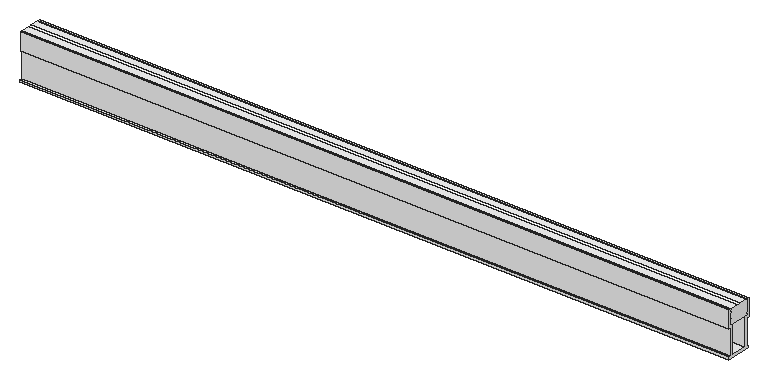
Revit family "4070756+4070745 Feilo Sylvania Lighting Fixture CURSUS 876MM 653LM OVAL LED 4K with FRAMED ROUGH IN HOUSING", category Lighting Fixtures, host Face, Revit 2017
Family settings
  Host = Face
  Round Connector Dimension = Use Diameter
  Part Type = Normal
  OmniClass Number = 23.80.70.14
  OmniClass Title = Luminaries for External Lighting
  Cut with Voids When Loaded = Yes
  Light Source = Yes
  Shared = No
  Room Calculation Point = No
Parameters (values of type "4070756 CURSUS 876MM 653LM OVAL LED 4K")
  Width = 30 mm
  Weight = "1.7 kg"
  Wattage Comments = "n/a"
  Wattage = 13.5 W
  WarrantyStartDate [instance] = "n/a"
  WarrantyGuarantorParts = "n/a"
  WarrantyDurationUnit = "n/a"
  WarrantyDurationParts = "n/a"
  WarrantyDescription = "n/a"
  built-in parameter 1150110 = 1 (stored number, unit not read)
  Voltage = 24 V
  URL = "http://www.sylvania-lighting.com"
  TypeName = "CURSUS 876MM 653LM OVAL LED 4K"
  Type Image = <None>
  Type Comments = "n/a"
  built-in parameter 1114217 = 1 (stored number, unit not read)
  Tilt Angle = -90.00°
  built-in parameter 1150109 = 1 (stored number, unit not read)
  built-in parameter 1150134 = 12
  built-in parameter 1150113 = 1 (stored number, unit not read)
  SerialNumber [instance] = "n/a"
  Material_3_FEILO = none
  PowerFactor = 0
  PowerConsumption = "13.5 W"
  Photometric Web File = "4070756.ies"
  NominalLength = 876 mm
  NominalHeight = 50 mm
  NominalDepth = Width  # 30 mm
  Name = "CURSUS 876MM 653LM OVAL LED 4K"
  ModelReference = Name  # "CURSUS 876MM 653LM OVAL LED 4K"
  ModelNumber = "4070756"
  Model = Name  # "CURSUS 876MM 653LM OVAL LED 4K"
  Material = "natural anodised extruded aluminium structure housing, optical system with pmma lenses diffuser"
  ManufacturerName = "Feilo Sylvania"
  Manufacturer = "Feilo Sylvania"
  LuminousEfficacy = "48.37 lm/W"
  built-in parameter 1150105 = 894.28 (stored number, unit not read)
  Lumens = 653 lm
  LuminaireType = ""
  built-in parameter 1150115 = 1 (stored number, unit not read)
  LightOutputRatio = "100"
  built-in parameter 1150137 = (empty or 0)
  built-in parameter 1150139 = (empty or 0)
  LengthVoidExtrusionRight [instance] = if(EndCapRight, Length / 2, Length / 2 - 2.5 mm)  # 438.5 mm
  LengthVoidExtrusionLeft [instance] = if(EndCapLeft, Length / 2, Length / 2 - 2.5 mm)  # 438.5 mm
  Length = 882 mm
  LampsType = Lamp  # "LED"
  LampNominalLuminous = "653 lm"
  LampMacAdamStep = "n/a"
  LampColourTemperature = "4000 K"
  LampColourRenderingIndex = "80"
  built-in parameter 1150112 = 1 (stored number, unit not read)
  built-in parameter 1150114 = 1 (stored number, unit not read)
  Lamp = "LED"
  Keynote = "16500"
  InstallationDate [instance] = "n/a"
  InputVoltage = "24V DC"
  InputNominalFrequency = "n/a"
  built-in parameter 1150132 = (empty or 0)
  built-in parameter 1150102 = (empty or 0)
  built-in parameter 1150107 = 4000 (stored number, unit not read)
  built-in parameter 1150138 = (empty or 0)
  IngressProtection = "IP67"
  ImpactProtectionIndex = "IK07"
  built-in parameter 1150106 = 8.9428 (stored number, unit not read)
  IfcExportType = "IfcLightFixtureType"
  IfcExportAs = "IfcLightFixtureType"
  ExpectedLife = 50000
  EndCapRight [instance] = no
  EndCapLeft [instance] = no
  Emit from Rectangle Width = Width - 6 mm  # 24 mm
  Emit from Rectangle Length = Length - 6 mm  # 876 mm
  Emit Shape Visible in Rendering = no
  ElectricShockClassification = "Class III"
  built-in parameter 1150104 = 4.4938 (stored number, unit not read)
  DurationUnit = "hours"
  DocumentationLiterature = "http://www.sylvania-lighting.com/product/en-int/products/4070756"
  DimmingControlOptions = "n/a"
  Dimming Lamp Color Temperature Shift = <None>
  Material_2_FEILO = Diffuser-Sylvania-Glow
  Description = "LED Exterior Lighting Recessed Surface Mounted Linear Fixture, Natural anodised extruded aluminium structure. Die-cast aluminium end caps. Installation kit with harmonic steel springs., 653 lm, 13,5W,  48lm/W, 4000K, CRI80+,non dimmable,IP67, IK07, (HxWxD) 876x50x30mm, 3 step Mac Adam Ellipse, 1.7kg,, Classe III, 21-25V-DC, energy class : A++, A+, A"
  Default Elevation = 1219.2 mm
  CreatedOn = "1/8/2018"
  CreatedBy = ""
  Cost = 0
  Color Filter = 16777215
  built-in parameter 1114216 [instance] = (empty or 0)
  ClassificationValue = "EF_70_80"
  ClassificationName = "Uniclass2015"
  Material_1_FEILO = Body-Sylvania-Gray
  BarCode [instance] = "n/a"
  built-in parameter 1114218 = 1 (stored number, unit not read)
  built-in parameter 1150133 = 10 (stored number, unit not read)
  AssetType = "Fixed"
  AssetIdentifier [instance] = "n/a"
  Assembly Code = "D5020200"
  Apparent Load = 13.5 VA
  Material_4_FEILO = Diffuser-Sylvania-Glow
Reference planes
  plane 1 "Center (Front/Back)": y = 0
  plane 2: z = 0
  plane 3 "Center (Left/Right)": x = 0
  plane 4: y = 15
  plane 5: y = -15
  plane 6: x = 441
  plane 7: x = -441
  plane 8: x = -438.5
  plane 9: y = 12.5
  plane 10: y = -12.5
  plane 11: x = 438.5
  plane 12: z = -55
  plane 13: z = -52.5
  plane 14: z = -2
  plane 15: y = -10
  plane 16: z = -18
  plane 17: z = -20.5
  plane 18: y = 10
Forms (mm)
  Extrusion 1, solid, material "Body-Sylvania-Gray" <- "Material_1_FEILO"
    sketch origin (0, 0, -32.5) x (0, 1, 0) y (0, 0, 1)
      loop
        line (15, -22.5) -> (15, -20) -> (12.5, -20) -> (12.5, 12) -> (15, 12) -> (15, 32.5) -> (12.5, 32.5) -> (12.5, 14.5) -> (10, 14.5) -> (10, -20) -> (-10, -20) -> (-10, 14.5) -> (-12.5, 14.5) -> (-12.5, 32.5) -> (-15, 32.5) -> (-15, 12) -> (-12.5, 12) -> (-12.5, -20) -> (-15, -20) -> (-15, -22.5) -> (15, -22.5)
    from -438.5 to 438.5
  Extrusion 2, solid, material "Body-Sylvania-Gray" <- "Material_1_FEILO", visible <- "EndCapRight"
    sketch origin (441, 1524, 1219.2) x (0, 1, 0) y (0, 0, 1)
      loop
        line (-1539, -1274.2) -> (-1509, -1274.2) -> (-1509, -1219.2) -> (-1539, -1219.2) -> (-1539, -1274.2)
    from 0 to -2.5
  Extrusion 3, solid, material "Body-Sylvania-Gray" <- "Material_1_FEILO", visible <- "EndCapLeft"
    sketch origin (-441, 1524, 1219.2) x (0, 1, 0) y (0, 0, 1)
      loop
        line (-1539, -1274.2) -> (-1509, -1274.2) -> (-1509, -1219.2) -> (-1539, -1219.2) -> (-1539, -1274.2)
    from 0 to 2.5
  Extrusion 4, solid, material "Diffuser-Sylvania-Glow" <- "Material_2_FEILO"
    sketch origin (0, 0, 0) x (0, 1, 0) y (0, 0, 1)
      loop
        line (-12.5, 0) -> (-12.5, -18) -> (12.5, -18) -> (12.5, 0) -> (2, 0) -> (0, -2) -> (-2, 0) -> (-12.5, 0)
    from -438.5 to 438.5
  Extrusion 5, void
    sketch origin (0, 0, 0) x (1, 0, 0) y (0, 1, 0)
      loop
        line (-438.5, 15) -> (-438.5, -15) -> (438.5, -15) -> (438.5, 15) -> (-438.5, 15)
    from 0 to -55
Dimensions and locks
  equal spacing: plane 5, plane 1 "Center (Front/Back)", plane 4
  equal spacing: plane 7, plane 3 "Center (Left/Right)", plane 6
  "Length": plane 7 to plane 6
  equal spacing: plane 8, plane 3 "Center (Left/Right)", plane 11
  equal spacing: plane 10, plane 1 "Center (Front/Back)", plane 9
  locked: plane 5 to plane 10 at 2.5
  "Width": plane 5 to plane 4
  locked: plane 2 to plane 12 at 55
  locked: plane 12 to plane 13 at 2.5
  "LengthVoidExtrusionLeft": Extrusion 5 sketch curve to plane 3 "Center (Left/Right)"
  "LengthVoidExtrusionRight": plane 3 "Center (Left/Right)" to Extrusion 5 sketch curve
  plane 2 to plane 14 = 2 mm
  locked: plane 7 to plane 8 at 2.5
  locked: plane 2 to plane 16 at 18
  locked: plane 17 to plane 16 at 2.5
  equal spacing: plane 15, plane 1 "Center (Front/Back)", plane 18
  locked: plane 10 to plane 15 at 2.5
  locked: plane 14 to Extrusion 4 sketch curve (angle 45.00°)
  locked: Extrusion 4 sketch curve to plane 14 (angle 45.00°)
  aligned and locked: plane 2 to host face
  aligned and locked: level to host face
  aligned and locked: plane 4 to Extrusion 1 sketch curve
  aligned and locked: Extrusion 1 sketch curve to plane 5
  aligned and locked: plane 10 to Extrusion 1 sketch curve  (x2)
  aligned and locked: Extrusion 1 sketch curve to plane 9  (x2)
  aligned and locked: plane 8 to Extrusion 3
  aligned and locked: Extrusion 3 to plane 7
  aligned and locked: Extrusion 4 to plane 8
  aligned and locked: plane 11 to Extrusion 4
  aligned and locked: imposter light to plane 1 "Center (Front/Back)"
  aligned and locked: plane 3 "Center (Left/Right)" to imposter light
  aligned and locked: plane 12 to Extrusion 1
  aligned and locked: Extrusion 1 to plane 13
  aligned and locked: level to Extrusion 1  (x2)
  aligned and locked: plane 2 to imposter light
  aligned and locked: plane 11 to Extrusion 1
  aligned and locked: Extrusion 1 to plane 8
  aligned and locked: plane 12 to Extrusion 3 sketch curve
  aligned and locked: plane 5 to Extrusion 3 sketch curve
  aligned and locked: Extrusion 3 sketch curve to plane 4
  aligned and locked: Extrusion 2 sketch curve to plane 4
  aligned and locked: plane 5 to Extrusion 2 sketch curve
  aligned and locked: plane 12 to Extrusion 2 sketch curve
  aligned and locked: plane 9 to Extrusion 4 sketch curve
  aligned and locked: Extrusion 4 sketch curve to plane 10
  aligned and locked: Extrusion 5 sketch curve to plane 4
  aligned and locked: plane 5 to Extrusion 5 sketch curve
  aligned and locked: Extrusion 5 to Extrusion 1
  aligned and locked: level to Extrusion 5
  aligned and locked: plane 14 to Extrusion 4 sketch curve
  aligned and locked: Extrusion 4 sketch curve to plane 16
  aligned and locked: Extrusion 1 sketch curve to Extrusion 1 sketch curve  (x3)
  aligned and locked: Extrusion 1 sketch curve to Extrusion 4
  aligned and locked: plane 15 to Extrusion 1 sketch curve
  aligned and locked: plane 17 to Extrusion 1 sketch curve
  aligned and locked: plane 5 to Extrusion 1 sketch curve
  aligned and locked: Extrusion 1 sketch curve to plane 16
  aligned and locked: plane 18 to Extrusion 1 sketch curve
  aligned and locked: Extrusion 1 sketch curve to plane 17
  aligned and locked: Extrusion 1 sketch curve to Extrusion 2
Automatic sketch dimensions
  host sketch curve to host sketch curve = 2438.4 mm  (x2)
  Extrusion 3 sketch curve to level = 0 mm
  Extrusion 2 sketch curve to level = 0 mm
  Extrusion 4 sketch curve to level = 0 mm  (x2)
  Extrusion 4 sketch curve to plane 1 "Center (Front/Back)" = 0 mm
  plane 12 to Extrusion 1 sketch curve = 0 mm
  plane 13 to Extrusion 1 sketch curve = 0 mm
  Extrusion 1 sketch curve to level = 0 mm  (x2)
Connectors
  electrical at (0, 0, 0), driven by "Apparent Load", driven by "PowerFactor", driven by "Voltage"
    settings: index 1, voltage 24 V, apparent load 13.5 VA, apparent load phase1 0 VA, apparent load phase2 0 VA, apparent load phase3 0 VA, power factor 0, load classification "Lighting", number of poles 1, system type 30, power factor state 1, is connector primary yes, connector utility no, sub classification motor no, connector description ""
